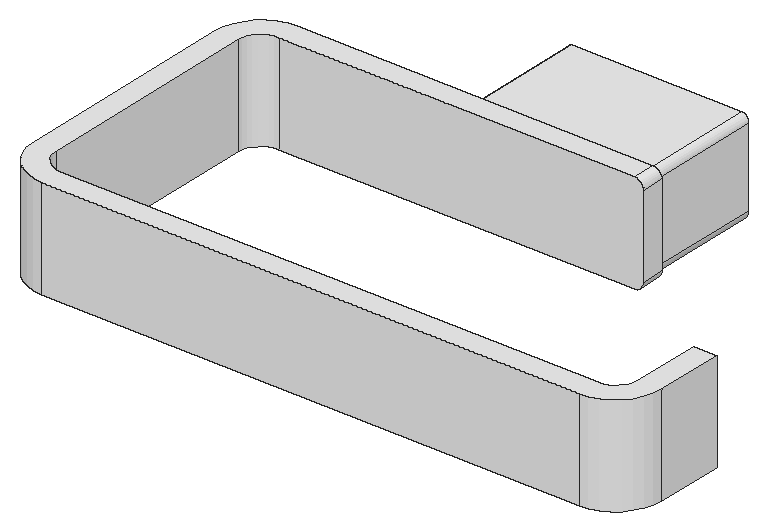
Revit family "rba-bim-rba1643-102", category Plumbing Fixtures, Revit 2016
Family settings
  Part Type = Normal
  Round Connector Dimension = Use Diameter
  Work Plane-Based = No
  Always vertical = Yes
  Cut with Voids When Loaded = No
  Shared = Yes
  Room Calculation Point = No
Parameters (values of type "RBA1643-102")
  Watermarked By = "www.rba.com.au"
  Waste Connection = yes
  Vent Connection = yes
  URL = ""
  Phone Number = "1300 788 778"
  Modified Issue = "20190225.01"
  Model = "RBA1643-102"
  Materials and Finishes = Chrome Plated Brass
  Manufacturer Model = ""
  Manufacturer = "RBA Group"  # constant formula
  HW Connection = yes
  Description = "äska Toilet Roll Holder #1"
  Copyright by = "RBA Group"  # constant formula
  CW Connection = yes
Reference planes
  plane 1 "Center (Front/Back)": y = 0
  plane 2: z = 0
  plane 3 "Center (Left/Right)": x = 0
Forms (mm)
  Extrusion 1, solid, material "Chrome Plated Brass" <- "Materials and Finishes"
    sketch origin (-4.605, 0, 0) x (1, 0, 0) y (0, 0, 1)
      loop
        arc (-14.034, 21.5) -> (-15.02, 20.771) -> (-15.395, 19.605) r 2
        line (-15.395, 19.605) -> (-15.395, 2.395)
        arc (-15.395, 2.395) -> (-15.02, 1.229) -> (-14.034, 0.5) r 2
        line (-14.034, 0.5) -> (23.243, 0.5)
        arc (23.243, 0.5) -> (24.229, 1.229) -> (24.605, 2.395) r 2
        line (24.605, 2.395) -> (24.605, 19.605)
        arc (24.605, 19.605) -> (24.229, 20.771) -> (23.243, 21.5) r 2
        line (23.243, 21.5) -> (-14.034, 21.5)
    from 0 to 25
  Extrusion 2, solid, material "Chrome Plated Brass" <- "Materials and Finishes"
    sketch origin (0, 0, 0) x (1, 0, 0) y (0, 1, 0)
      loop
        line (21, -25) -> (-59, -25)
        arc (-59, -25) -> (-66.071, -27.929) -> (-69, -35) r 10
        line (-69, -35) -> (-69, -85)
        arc (-69, -85) -> (-66.071, -92.071) -> (-59, -95) r 10
        line (-59, -95) -> (59, -95)
        arc (59, -95) -> (66.071, -92.071) -> (69, -85) r 10
        line (69, -85) -> (69, -70) -> (64, -70) -> (64, -85)
        arc (64, -85) -> (62.536, -88.536) -> (59, -90) r 5
        line (59, -90) -> (-59, -90)
        arc (-59, -90) -> (-62.536, -88.536) -> (-64, -85) r 5
        line (-64, -85) -> (-64, -35)
        arc (-64, -35) -> (-62.536, -31.464) -> (-59, -30) r 5
        line (-59, -30) -> (21, -30) -> (21, -25)
    from 0 to 22
  Extrusion 3, void
    sketch origin (0, 0, 0) x (1, 0, 0) y (0, 0, 1)
      loop
        arc (21, 1.961) -> (20.426, 0.574) -> (19.039, 0) r 1.961
        line (19.039, 0) -> (22.039, 0) -> (22.039, 22) -> (19.039, 22)
        arc (19.039, 22) -> (20.426, 21.426) -> (21, 20.039) r 1.961
        line (21, 20.039) -> (21, 1.961)
    from 25 to 30
Cuts and joins
  Extrusion 3 cuts Extrusion 1
  Extrusion 3 cuts Extrusion 2
Dimensions and locks
  aligned and locked: plane 2 to level
